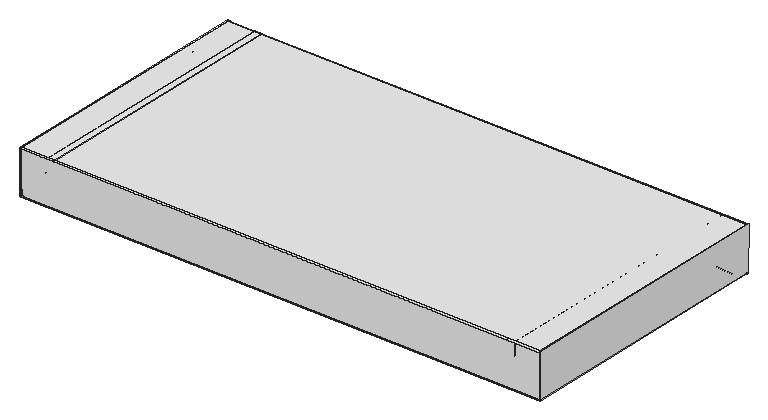
Revit family "CRIS-3525", category Lighting Fixtures, host Ceiling, Revit 2019
Family settings
  Host = Ceiling
  Round Connector Dimension = Use Diameter
  Part Type = Normal
  OmniClass Number = 23.80.70.11.14.17
  OmniClass Title = Direct/Indirect
  Always vertical = Yes
  Cut with Voids When Loaded = No
  Light Source = Yes
  Shared = No
  Room Calculation Point = No
Parameters (values of type "CRIS-3525-2X4-LED840K150LUNV-P13")
  Width = 2' - 0"
  Wattage = 122 W
  built-in parameter 1150110 = 1 (stored number, unit not read)
  Voltage = 120 V  # constant formula
  URL = "https://www.viscor.com/en/products/cris-3525"
  built-in parameter 1114217 = 0.9 (stored number, unit not read)
  Tilt Angle = 90.00°
  built-in parameter 1150109 = 1 (stored number, unit not read)
  built-in parameter 1150134 = 12
  built-in parameter 1150113 = 1 (stored number, unit not read)
  Photometric Web File = "CRIS-3525-2X4-LED840K150LUNV-P13.ies"
  Model = "CRIS-3525"  # constant formula
  Manufacturer = "CERTOLUX by VISCOR"  # constant formula
  Lumens = 15128 lm
  built-in parameter 1150115 = 1 (stored number, unit not read)
  built-in parameter 1150105 = 1203.8 (stored number, unit not read)
  built-in parameter 1150137 = (empty or 0)
  built-in parameter 1150139 = (empty or 0)
  Lens Finish = Acrylic - Viscor - Frosted Prismatic P12
  Length = 4' - 0"
  Lamp Wattage = 122 VA
  built-in parameter 1150112 = 1 (stored number, unit not read)
  built-in parameter 1150114 = 1 (stored number, unit not read)
  Lamp = "LED"  # constant formula
  built-in parameter 1150132 = (empty or 0)
  built-in parameter 1150102 = (empty or 0)
  built-in parameter 1150138 = (empty or 0)
  built-in parameter 1150107 = 4000 (stored number, unit not read)
  built-in parameter 1150106 = 12.038 (stored number, unit not read)
  Housing Finish = Metal - Viscor - White
  Height = 0' - 4 19/256"
  Emit from Rectangle Width = Width  # 2' - 0"
  Emit from Rectangle Length = Length  # 4' - 0"
  Emit Shape Visible in Rendering = no
  built-in parameter 1150104 = 11.52 (stored number, unit not read)
  Dimming Lamp Color Temperature Shift = <None>
  Description = "LED Cleanroom Surface Mount Inset Door"  # constant formula
  Color Filter = 16777215
  built-in parameter 1114218 = 1 (stored number, unit not read)
  built-in parameter 1150133 = 10 (stored number, unit not read)
  Assembly Code = "D5020200"
  Apparent Load = Lamp Wattage  # 122 VA
Types (7): name | Width | Wattage | Photometric Web File | Lumens | built-in parameter 1150105 | Length | Lamp Wattage | built-in parameter 1150106 | Emit from Rectangle Width | Emit from Rectangle Length | built-in parameter 1150104 | Apparent Load
  (no name) | 2' - 0" | 122 W | "CRIS-3525-2X4-LED840K150LUNV-P13.ies" | 15128 lm | 1203.8 (stored number, unit not read) | 4' - 0" | 122 VA | 12.038 (stored number, unit not read) | 2' - 0" | 4' - 0" | 11.52 (stored number, unit not read) | 122 VA
  CRIS-3525-2X2-LED840K035LUNV-P13 | 2' - 0" | 30 W | "CRIS-3525-2X2-LED840K035LUNV-P13.ies" | 3510 lm | 279.32 (stored number, unit not read) | 2' - 0" | 30 VA | 2.7932 (stored number, unit not read) | 2' - 0" | 2' - 0" | 10.87 (stored number, unit not read) | 30 VA
  CRIS-3525-2X4-LED840K104LUNV-P13 | 2' - 0" | 88 W | "CRIS-3525-2X4-LED840K104LUNV-P13.ies" | 10472 lm | 833.34 (stored number, unit not read) | 4' - 0" | 88 VA | 8.3334 (stored number, unit not read) | 2' - 0" | 4' - 0" | 11.055 (stored number, unit not read) | 88 VA
  CRIS-3525-1X4-LED840K104LUNV-P13 | 1' - 0" | 88 W | "CRIS-3525-1X4-LED840K0104LUNV-P13.ies" | 10384 lm | 826.33 (stored number, unit not read) | 4' - 0" | 88 VA | 8.2633 (stored number, unit not read) | 1' - 0" | 4' - 0" | 10.963 (stored number, unit not read) | 88 VA
  CRIS-3525-1X4-LED840K078LUNV-P13 | 1' - 0" | 88 W | "CRIS-3525-1X4-LED840K078LUNV-P13.ies" | 10208 lm | 812.33 (stored number, unit not read) | 4' - 0" | 67 VA | 8.1233 (stored number, unit not read) | 1' - 0" | 4' - 0" | 10.777 (stored number, unit not read) | 67 VA
  CRIS-3525-2X2-LED840K052LUNV-P13 | 2' - 0" | 42 W | "CRIS-3525-2X2-LED840K052LUNV-P13.ies" | 5208 lm | 414.44 (stored number, unit not read) | 2' - 0" | 42 VA | 4.1444 (stored number, unit not read) | 2' - 0" | 2' - 0" | 11.52 (stored number, unit not read) | 42 VA
  CRIS-3525-2X4-LED840K150LUNV-P13 | 2' - 0" | 122 W | "CRIS-3525-2X4-LED840K150LUNV-P13.ies" | 15128 lm | 1203.8 (stored number, unit not read) | 4' - 0" | 122 VA | 12.038 (stored number, unit not read) | 2' - 0" | 4' - 0" | 11.52 (stored number, unit not read) | 122 VA
Reference planes (in)
  plane 1 "Light Source Axis (F/B)": y = 0
  plane 2 "Ceiling": z = 96
  plane 3 "Light Source Axis (L/R)": x = 0
  plane 4 "Light Source Elevation": z = 92
  plane 5: y = 12
  plane 6: y = -12
  plane 7: x = -24
  plane 8: x = 24
  plane 9: x = -23.96875
  plane 10: x = 23.96875
  plane 11 "DoorFrameBottom": z = 91.92578
  plane 12: y = 11.96875
  plane 13: y = -11.96875
  plane 14: x = -23.8125
  plane 15: y = 11.8125
  plane 16: y = -11.8125
  plane 17: x = 23.8125
Forms (in)
  Extrusion 1, solid, material "Metal - Viscor - White" <- "Housing Finish"
    sketch origin (0, 0, 0) x (0, 1, 0) y (0, 0, 1)
      loop
        arc (-11.92181, 95.99997) -> (-11.97692, 95.97714) -> (-11.99975, 95.92203) r 0.07794
        line (-11.99975, 95.92203) -> (-11.99975, 92.00428)
        arc (-11.99975, 92.00428) -> (-11.92902, 91.92703) -> (-11.85387, 92) r 0.073
        line (-11.85387, 92) -> (-11.85387, 92.6145) -> (-10.95187, 92.6145) -> (-10.95187, 92.6625) -> (-11.90187, 92.6625) -> (-11.90187, 92)
        arc (-11.90187, 92) -> (-11.92687, 91.975) -> (-11.95187, 92) r 0.025
        line (-11.95187, 92) -> (-11.95187, 95.922)
        arc (-11.95187, 95.922) -> (-11.94309, 95.94321) -> (-11.92187, 95.952) r 0.03
        line (-11.92187, 95.952) -> (11.92188, 95.952)
        arc (11.92188, 95.952) -> (11.94309, 95.94321) -> (11.95188, 95.922) r 0.03
        line (11.95188, 95.922) -> (11.95188, 92)
        arc (11.95188, 92) -> (11.92688, 91.975) -> (11.90188, 92) r 0.025
        line (11.90188, 92) -> (11.90188, 92.6625) -> (10.95188, 92.6625) -> (10.95188, 92.6145) -> (11.85388, 92.6145) -> (11.85388, 92)
        arc (11.85388, 92) -> (11.92753, 91.927) -> (11.99986, 92.00131) r 0.073
        line (11.99986, 92.00131) -> (11.99986, 95.92199)
        arc (11.99986, 95.92199) -> (11.97702, 95.97713) -> (11.92188, 95.99997) r 0.07798
        line (11.92188, 95.99997) -> (-11.92181, 95.99997)
    from -23.96875 to 23.96875
  Extrusion 2, solid, material "Metal - Viscor - White" <- "Housing Finish"
    sketch origin (0, 0, 0) x (1, 0, 0) y (0, 0, 1)
      loop
        line (-23.99987, 96) -> (-23.99987, 92)
        arc (-23.99987, 92) -> (-23.92687, 91.927) -> (-23.85387, 92) r 0.073
        line (-23.85387, 92) -> (-23.85387, 92.6145) -> (-22.9675, 92.6145) -> (-22.9675, 92.6625) -> (-23.90187, 92.6625) -> (-23.90187, 92)
        arc (-23.90187, 92) -> (-23.92687, 91.975) -> (-23.95187, 92) r 0.025
        line (-23.95187, 92) -> (-23.95187, 96) -> (-23.99987, 96)
    from -11.96875 to 11.96875
  Extrusion 3, solid, material "Metal - Viscor - White" <- "Housing Finish"
    sketch origin (0, 0, 0) x (-1, 0, 0) y (0, 0, -1)
      loop
        line (-23.99988, -96) -> (-23.95188, -96) -> (-23.95188, -92)
        arc (-23.95188, -92) -> (-23.92688, -91.975) -> (-23.90188, -92) r 0.025
        line (-23.90188, -92) -> (-23.90188, -92.6625) -> (-23.078, -92.6625) -> (-23.078, -92.6145) -> (-23.85388, -92.6145) -> (-23.85388, -92)
        arc (-23.85388, -92) -> (-23.92688, -91.927) -> (-23.99988, -92) r 0.073
        line (-23.99988, -92) -> (-23.99988, -96)
    from -11.96875 to 11.96875
  Extrusion 4, solid, material "Metal - Viscor - White" <- "Housing Finish"
    sketch origin (0, 0, 91.92578) x (0, 1, 0) y (-1, 0, 0)
      loop
        line (11.8125, 23.8125) -> (-11.8125, 23.8125) -> (-11.8125, -23.8125) -> (11.8125, -23.8125) -> (11.8125, 23.8125)
      loop
        line (10.46094, 22.46094) -> (-10.46094, 22.46094) -> (-10.46094, -22.46094) -> (10.46094, -22.46094) -> (10.46094, 22.46094)
    from 0 to 0.25
  Extrusion 5, solid, material "Metal - Viscor - White" <- "Housing Finish"
    sketch origin (0, 0, 0) x (1, 0, 0) y (0, 0, 1)
      loop
        line (-23.9675, 94.702) -> (-21.6525, 94.702)
        arc (-21.6525, 94.702) -> (-21.61007, 94.71957) -> (-21.5925, 94.762) r 0.06
        line (-21.5925, 94.762) -> (-21.5925, 95.892)
        arc (-21.5925, 95.892) -> (-21.58371, 95.91321) -> (-21.5625, 95.922) r 0.03
        line (-21.5625, 95.922) -> (-20.8725, 95.922) -> (-20.8725, 95.95325) -> (-21.5625, 95.95325)
        arc (-21.5625, 95.95325) -> (-21.60581, 95.93531) -> (-21.62375, 95.892) r 0.06125
        line (-21.62375, 95.892) -> (-21.62375, 94.762)
        arc (-21.62375, 94.762) -> (-21.63217, 94.74167) -> (-21.6525, 94.73325) r 0.02875
        line (-21.6525, 94.73325) -> (-23.9675, 94.73325) -> (-23.9675, 94.702)
    from -11.96875 to 11.96875
  Extrusion 6, solid, material "Metal - Viscor - White" <- "Housing Finish"
    sketch origin (0, 0, 0) x (-1, 0, 0) y (0, 0, -1)
      loop
        line (-23.9675, -94.702) -> (-23.9675, -94.73325) -> (-21.6525, -94.73325)
        arc (-21.6525, -94.73325) -> (-21.63217, -94.74167) -> (-21.62375, -94.762) r 0.02875
        line (-21.62375, -94.762) -> (-21.62375, -95.892)
        arc (-21.62375, -95.892) -> (-21.60581, -95.93531) -> (-21.5625, -95.95325) r 0.06125
        line (-21.5625, -95.95325) -> (-20.8725, -95.95325) -> (-20.8725, -95.922) -> (-21.5625, -95.922)
        arc (-21.5625, -95.922) -> (-21.58371, -95.91321) -> (-21.5925, -95.892) r 0.03
        line (-21.5925, -95.892) -> (-21.5925, -94.762)
        arc (-21.5925, -94.762) -> (-21.61007, -94.71957) -> (-21.6525, -94.702) r 0.06
        line (-21.6525, -94.702) -> (-23.9675, -94.702)
    from -11.96875 to 11.96875
  Extrusion 7, solid, material "Metal - Viscor - White" <- "Housing Finish"
    sketch origin (0, 0, 0) x (0, 1, 0) y (0, 0, 1)
      loop
        line (10.16759, 92.666) -> (10.89416, 92.666) -> (10.89416, 92.69725) -> (10.15666, 92.69725) -> (7.6275, 94.67325) -> (6.875, 94.67325) -> (6.875, 94.642) -> (7.61674, 94.642) -> (10.12881, 92.67936)
        arc (10.12881, 92.67936) -> (10.14708, 92.66943) -> (10.16759, 92.666) r 0.063
    from -23.96875 to 23.96875
  Extrusion 8, solid, material "Metal - Viscor - White" <- "Housing Finish"
    sketch origin (0, 0, 0) x (0, -1, 0) y (0, 0, -1)
      loop
        arc (10.16759, -92.666) -> (10.14708, -92.66943) -> (10.12881, -92.67936) r 0.063
        line (10.12881, -92.67936) -> (7.61674, -94.642) -> (6.875, -94.642) -> (6.875, -94.67325) -> (7.6275, -94.67325) -> (10.15666, -92.69725) -> (10.89416, -92.69725) -> (10.89416, -92.666) -> (10.16759, -92.666)
    from -23.96875 to 23.96875
  Extrusion 9, solid, material "Acrylic - Viscor - Frosted Prismatic P12" <- "Lens Finish"
    sketch origin (0, 0, 91.92578) x (0, 1, 0) y (-1, 0, 0)
      loop
        line (10.83594, 22.83594) -> (-10.83594, 22.83594) -> (-10.83594, -22.83594) -> (10.83594, -22.83594) -> (10.83594, 22.83594)
    from 0.04931 to 0.15087
  Extrusion 10, solid, material "Metal - Viscor - White" <- "Housing Finish"
    sketch origin (0, 0, 0) x (0, 1, 0) y (0, 0, 1)
      loop
        line (-7.675, 94.666) -> (7.675, 94.666)
        arc (7.675, 94.666) -> (7.72803, 94.68797) -> (7.75, 94.741) r 0.075
        line (7.75, 94.741) -> (7.75, 95.216)
        arc (7.75, 95.216) -> (7.72803, 95.26903) -> (7.675, 95.291) r 0.075
        line (7.675, 95.291) -> (7.25, 95.291) -> (7.25, 95.255) -> (7.675, 95.255)
        arc (7.675, 95.255) -> (7.70258, 95.24358) -> (7.714, 95.216) r 0.039
        line (7.714, 95.216) -> (7.714, 94.741)
        arc (7.714, 94.741) -> (7.70258, 94.71342) -> (7.675, 94.702) r 0.039
        line (7.675, 94.702) -> (-7.675, 94.702)
        arc (-7.675, 94.702) -> (-7.70258, 94.71342) -> (-7.714, 94.741) r 0.039
        line (-7.714, 94.741) -> (-7.714, 95.216)
        arc (-7.714, 95.216) -> (-7.70258, 95.24358) -> (-7.675, 95.255) r 0.039
        line (-7.675, 95.255) -> (-7.25, 95.255) -> (-7.25, 95.291) -> (-7.675, 95.291)
        arc (-7.675, 95.291) -> (-7.72803, 95.26903) -> (-7.75, 95.216) r 0.075
        line (-7.75, 95.216) -> (-7.75, 94.741)
        arc (-7.75, 94.741) -> (-7.72803, 94.68797) -> (-7.675, 94.666) r 0.075
    from -23.96875 to 23.96875
Dimensions and locks (in)
  equal spacing: host sketch curve, plane 3 "Light Source Axis (L/R)", host sketch curve
  equal spacing: host sketch curve, plane 1 "Light Source Axis (F/B)", host sketch curve
  host sketch curve to host sketch curve = 10' - 0"  (x2)
  equal spacing: plane 7, plane 3 "Light Source Axis (L/R)", plane 8
  equal spacing: plane 5, plane 1 "Light Source Axis (F/B)", plane 6
  locked: plane 10 to plane 8 at 0.03125
  "Length": plane 7 to plane 8
  "Width": plane 5 to plane 6
  plane 7 to plane 9 = 0' - 0 1/32"
  "Height": plane 2 "Ceiling" to plane 11 "DoorFrameBottom"
  locked: plane 13 to plane 6 at 0.03125
  locked: plane 12 to plane 5 at 0.03125
  plane 5 to plane 15 to Extrusion 1 = 0' - 0 3/16" locked, 1' - 10.76437"
  locked: plane 7 to plane 14 at 0.1875
  plane 6 to plane 16 to Extrusion 1 = 0' - 0 3/16" locked, 1' - 10.76438"
  locked: plane 17 to plane 8 at 0.1875
  aligned and locked: plane 3 "Light Source Axis (L/R)" to imposter light
  aligned and locked: plane 1 "Light Source Axis (F/B)" to imposter light
  aligned and locked: plane 4 "Light Source Elevation" to imposter light
  aligned and locked: Extrusion 1 to plane 9
  aligned and locked: plane 10 to Extrusion 1
  aligned and locked: Extrusion 2 to plane 13
  aligned and locked: plane 12 to Extrusion 2
  aligned and locked: Extrusion 3 to plane 12
  aligned and locked: plane 13 to Extrusion 3
  aligned and locked: Extrusion 4 sketch curve to plane 14
  aligned and locked: Extrusion 4 sketch curve to plane 15
  aligned and locked: Extrusion 4 sketch curve to plane 16
  aligned and locked: Extrusion 4 sketch curve to plane 17
  aligned and locked: plane 12 to Extrusion 5
  aligned and locked: Extrusion 5 to plane 13
  aligned and locked: Extrusion 6 to plane 12
  aligned and locked: plane 13 to Extrusion 6
  aligned and locked: plane 10 to Extrusion 7
  aligned and locked: Extrusion 7 to plane 9
  aligned and locked: Extrusion 8 to plane 9
  aligned and locked: plane 10 to Extrusion 8
  aligned and locked: Extrusion 10 to plane 9
  aligned and locked: plane 10 to Extrusion 10
Automatic sketch dimensions
  Extrusion 1 sketch curve to Extrusion 1 sketch curve = 0' - 0"  (x4)
  plane 4 "Light Source Elevation" to Extrusion 1 sketch curve = 0' - 0"  (x2)
  plane 6 to Extrusion 1 sketch curve = 0' - 0.00025"
  plane 13 to Extrusion 1 sketch curve = 0' - 0.01688"
  Extrusion 1 sketch curve to Extrusion 1 sketch curve = 0' - 0.025"  (x2)
  Extrusion 1 sketch curve to Extrusion 1 sketch curve = 0' - 0.03"
  Extrusion 1 sketch curve to plane 2 "Ceiling" = 0' - 0.00003"
  plane 13 to Extrusion 1 sketch curve = 0' - 0.04694"
  Extrusion 1 sketch curve to plane 16 = 0' - 0.04137"
  plane 16 to Extrusion 1 sketch curve = 0' - 0.86063"
  Extrusion 1 sketch curve to plane 15 = 0' - 0.86062"
  plane 15 to Extrusion 1 sketch curve = 0' - 0.04138"
  Extrusion 1 sketch curve to plane 12 = 0' - 0.06687"
  Extrusion 1 sketch curve to plane 12 = 0' - 0 3/64"  (x2)
  Extrusion 1 sketch curve to plane 5 = 0' - 0.00014"
  Extrusion 1 sketch curve to plane 4 "Light Source Elevation" = 0' - 0.6145"  (x2)
  Extrusion 1 sketch curve to Extrusion 1 sketch curve = 0' - 0.048"  (x2)
  Extrusion 1 sketch curve to Extrusion 1 sketch curve = 0' - 0.00003"
  Extrusion 2 sketch curve to Extrusion 2 sketch curve = 0' - 0"  (x2)
  Extrusion 2 sketch curve to plane 4 "Light Source Elevation" = 0' - 0"
  Extrusion 2 sketch curve to plane 2 "Ceiling" = 0' - 0"
  plane 7 to Extrusion 2 sketch curve = 0' - 0.00013"
  plane 9 to Extrusion 2 sketch curve = 0' - 0.01688"
  Extrusion 2 sketch curve to Extrusion 2 sketch curve = 0' - 0.025"
  plane 14 to Extrusion 2 sketch curve = 0' - 0.845"
  Extrusion 2 sketch curve to plane 4 "Light Source Elevation" = 0' - 0.6145"
  Extrusion 2 sketch curve to Extrusion 2 sketch curve = 0' - 0.048"
  Extrusion 3 sketch curve to Extrusion 3 sketch curve = 0' - 0"  (x2)
  Extrusion 3 sketch curve to plane 4 "Light Source Elevation" = 0' - 0"
  Extrusion 3 sketch curve to plane 2 "Ceiling" = 0' - 0"
  plane 8 to Extrusion 3 sketch curve = 0' - 0.00012"
  plane 10 to Extrusion 3 sketch curve = 0' - 0.01688"
  Extrusion 3 sketch curve to Extrusion 3 sketch curve = 0' - 0.025"
  plane 17 to Extrusion 3 sketch curve = 0' - 0.7345"
  plane 4 "Light Source Elevation" to Extrusion 3 sketch curve = 0' - 0.6145"
  Extrusion 3 sketch curve to Extrusion 3 sketch curve = 0' - 0.048"
  plane 16 to Extrusion 4 sketch curve = 0' - 1 45/128"
  Extrusion 4 sketch curve to plane 15 = 0' - 1 45/128"
  Extrusion 4 sketch curve to plane 17 = 0' - 1 45/128"
  plane 14 to Extrusion 4 sketch curve = 0' - 1 45/128"
  Extrusion 5 sketch curve to Extrusion 5 sketch curve = 0' - 0"  (x4)
  plane 9 to Extrusion 5 sketch curve = 0' - 0.00125"
  Extrusion 5 sketch curve to plane 2 "Ceiling" = 0' - 1.238"
  plane 14 to Extrusion 5 sketch curve = 0' - 2.16"
  Extrusion 5 sketch curve to plane 2 "Ceiling" = 0' - 0.108"
  Extrusion 5 sketch curve to Extrusion 5 sketch curve = 0' - 0.02875"
  Extrusion 5 sketch curve to Extrusion 5 sketch curve = 0' - 0 1/32"
  Extrusion 5 sketch curve to Extrusion 5 sketch curve = 0' - 0.03"
  Extrusion 5 sketch curve to Extrusion 5 sketch curve = 0' - 0.69"
  Extrusion 6 sketch curve to Extrusion 6 sketch curve = 0' - 0"  (x4)
  plane 10 to Extrusion 6 sketch curve = 0' - 0.00125"
  plane 2 "Ceiling" to Extrusion 6 sketch curve = 0' - 1.238"
  plane 17 to Extrusion 6 sketch curve = 0' - 2.16"
  plane 2 "Ceiling" to Extrusion 6 sketch curve = 0' - 0.108"
  Extrusion 6 sketch curve to Extrusion 6 sketch curve = 0' - 0.02875"
  Extrusion 6 sketch curve to Extrusion 6 sketch curve = 0' - 0 1/32"
  Extrusion 6 sketch curve to Extrusion 6 sketch curve = 0' - 0.03"
  Extrusion 6 sketch curve to Extrusion 6 sketch curve = 0' - 0.69"
  Extrusion 7 sketch curve to plane 2 "Ceiling" = 0' - 1.32675"
  Extrusion 7 sketch curve to plane 15 = 0' - 4 15/16"
  Extrusion 7 sketch curve to Extrusion 7 sketch curve = 0' - 0.74174"
  Extrusion 7 sketch curve to Extrusion 7 sketch curve = 0' - 0.01076"
  Extrusion 7 sketch curve to plane 4 "Light Source Elevation" = 0' - 0.67936"
  Extrusion 7 sketch curve to plane 15 = 0' - 1.68369"
  Extrusion 7 sketch curve to plane 4 "Light Source Elevation" = 0' - 0.69725"
  Extrusion 7 sketch curve to Extrusion 7 sketch curve = 0' - 0.02785"
  Extrusion 7 sketch curve to Extrusion 7 sketch curve = 0' - 0.01093"
  Extrusion 7 sketch curve to Extrusion 7 sketch curve = 0' - 0 93/128"
  Extrusion 7 sketch curve to Extrusion 7 sketch curve = 0' - 0 1/32"  (x2)
  plane 2 "Ceiling" to Extrusion 8 sketch curve = 0' - 1.32675"
  Extrusion 8 sketch curve to plane 16 = 0' - 4 15/16"
  Extrusion 8 sketch curve to Extrusion 8 sketch curve = 0' - 0.74174"
  Extrusion 8 sketch curve to Extrusion 8 sketch curve = 0' - 0.01076"
  plane 4 "Light Source Elevation" to Extrusion 8 sketch curve = 0' - 0.67936"
  Extrusion 8 sketch curve to plane 16 = 0' - 1.68369"
  plane 4 "Light Source Elevation" to Extrusion 8 sketch curve = 0' - 0.69725"
  Extrusion 8 sketch curve to Extrusion 8 sketch curve = 0' - 0.02785"
  Extrusion 8 sketch curve to Extrusion 8 sketch curve = 0' - 0.01093"
  Extrusion 8 sketch curve to Extrusion 8 sketch curve = 0' - 0 93/128"
  Extrusion 8 sketch curve to Extrusion 8 sketch curve = 0' - 0 1/32"  (x2)
  plane 16 to Extrusion 9 sketch curve = 0' - 0 125/128"
  Extrusion 9 sketch curve to plane 15 = 0' - 0 125/128"
  Extrusion 9 sketch curve to plane 17 = 0' - 0 125/128"
  plane 14 to Extrusion 9 sketch curve = 0' - 0 125/128"
  Extrusion 10 sketch curve to plane 2 "Ceiling" = 0' - 1.259"
  Extrusion 10 sketch curve to plane 15 = 0' - 4.1375"
  Extrusion 10 sketch curve to Extrusion 10 sketch curve = 0' - 0.075"  (x4)
  plane 16 to Extrusion 10 sketch curve = 0' - 4.1375"
  Extrusion 10 sketch curve to Extrusion 10 sketch curve = 0' - 0.475"  (x2)
  Extrusion 10 sketch curve to Extrusion 10 sketch curve = 0' - 0.425"  (x2)
  Extrusion 10 sketch curve to Extrusion 10 sketch curve = 0' - 0"  (x8)
  Extrusion 10 sketch curve to Extrusion 10 sketch curve = 0' - 0.036"
Connectors (in)
  electrical at (0, 0, 91.92578), driven by "Voltage", driven by "Lamp Wattage"
    settings: on Extrusion 4, index 1, voltage 120 V, apparent load 0 VA, apparent load phase1 122 VA, apparent load phase2 0 VA, apparent load phase3 0 VA, power factor 1, load classification "Other", number of poles 1, system type 31, power factor state 1, is connector primary yes, connector utility no, sub classification motor no, connector description ""
